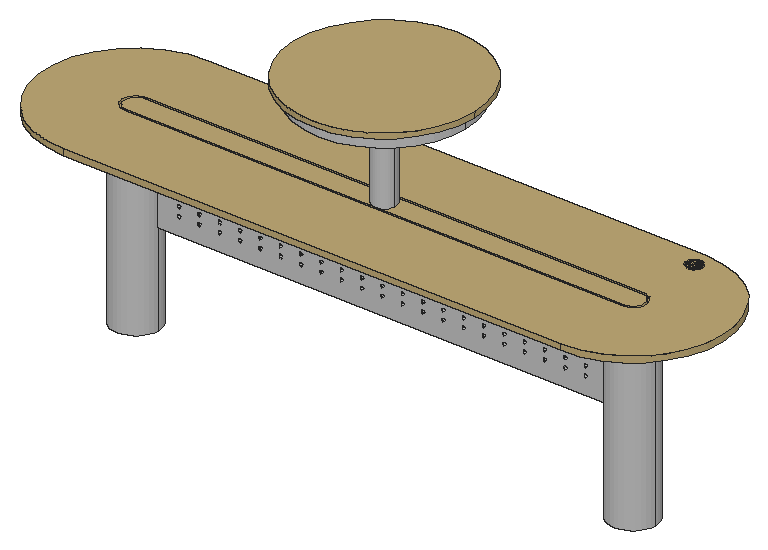
Revit family "L-FUR_벤치_YB-303B_예건", category 일반 모델, Revit 2021
Family settings
  보강 철근 호스트 가능 = 아니오
  원형 커넥터 치수 = 지름 사용
  부품 유형 = 보통
  작업 기준면 기반 = 아니오
  항상 수직 = 예
  로드될 때 보이드를 사용하여 절단 = 아니오
  공유 = 아니오
  룸 계산 점 = 아니오
Parameters
  한국산업규격KS = ""
  조달청표준공사코드-세부공종 = "23588586"
  기본 입면도 = 0 mm
  건설정보분류체계-부위분류 = "E943"
  LIM_INFO_주의사항 = "재배포, 재가공, 판매 금지"
  LIM_INFO_제품업체 = "예건"
  LIM_INFO_제품번호 = "YF-16"
  LIM_INFO_제품명 = "펜스_YF-16"
  LIM_INFO_제작일 = "20230315"
  LIM_INFO_재료 = "Hardwood, STL-pipe, STL-plate"
  LIM_INFO_업체정보 = ""
  LIM_INFO_업체URL = "https://yekun.com/"
  LIM_INFO_업체TEL = "(+82)31-943-6114"
  LIM_INFO_업체EMAIL = "yekun@yekun.com"
  LIM_INFO_버전 = "2023_V01"
  LIM_INFO_기타정보 = ""
  LIM_INFO_규격 = "W2000 x H1800"
  LIM_INFO_가격 = 0
  LIM_INFO_PV_포장재여부 = yes
  LIM_INFO_PV_면적 = 0.00 m²
  KBIMS_식별-버전 = ""
  KBIMS_식별-bSK등록번호 = ""
  KBIMS_보급정보-저작자 = "림인포테크_MMJ"
  KBIMS_보급정보-보급코드 = ""
Reference planes
  plane 1 "중심(앞/뒤)": y = 0
  plane 2: z = 0
  plane 3 "중심(왼쪽/오른쪽)": x = 0
Dimensions and locks
  aligned and locked: level to plane 2
Nested families
  nested 1: "YB-303B_base" at (0, 0, 0), type "YB-303B_base"
Definition of nested family "YB-303B_base"
  Parameters (values of type "YB-303B_base")
    Default Elevation = 0 mm
  Reference planes
    plane 1 "중심(앞/뒤)": y = 0
    plane 2: z = 0
    plane 3 "중심(왼쪽/오른쪽)": x = 0
  Forms (mm)
    Extrusion 1, solid, detail levels fine
      sketch origin (-41.458, 149.434, 0) x (1, 0, 0) y (0, 1, 0)
        loop
          arc (1340, -149.434) -> (1540, 50.566) -> (1340, 250.566) r 200
          line (1340, 250.566) -> (240, 250.566)
          arc (240, 250.566) -> (40, 50.566) -> (240, -149.434) r 200
          line (240, -149.434) -> (1340, -149.434)
        loop
          circle (1345.768, 213.056) r 17.5
        loop
          line (1340, 80.566) -> (240, 80.566)
          arc (240, 80.566) -> (210, 50.566) -> (240, 20.566) r 30
          line (240, 20.566) -> (1340, 20.566)
          arc (1340, 20.566) -> (1370, 50.566) -> (1340, 80.566) r 30
      from 417 to 430
    Extrusion 2, solid, detail levels fine
      sketch origin (-41.458, 149.434, 0) x (1, 0, 0) y (0, 1, 0)
        loop
          circle (240, 50.566) r 50.8
        loop
          circle (1340.086, 50.566) r 50.8
      from 0 to 413
    Extrusion 3, solid, detail levels fine
      sketch origin (-41.458, 149.434, 0) x (0, 1, 0) y (0, 0, 1)
        loop
          line (50.566, 417) -> (-89.434, 417) -> (-89.434, 412) -> (190.566, 412) -> (190.566, 417) -> (50.566, 417)
      from 166.065 to 1416.065
    Extrusion 4, solid, detail levels fine
      sketch origin (-191.458, 149.434, 0) x (1, 0, 0) y (0, 1, 0)
        loop
          circle (940, 50.566) r 200
      from 668 to 679
    Extrusion 5, solid, detail levels fine
      sketch origin (-191.458, 149.434, 0) x (1, 0, 0) y (0, 1, 0)
        loop
          circle (940, 50.566) r 180
      from 638 to 668
    Extrusion 6, solid, detail levels fine
      sketch origin (-191.458, 149.434, 0) x (1, 0, 0) y (0, 1, 0)
        loop
          circle (940, 50.566) r 24.3
      from 430 to 638
    Extrusion 7, solid, detail levels fine
      sketch origin (0, 0, 0) x (1, 0, 0) y (0, 1, 0)
        loop
          circle (1304.31, 362.49) r 17.5
      from 417 to 429.271
    Extrusion 8, solid, detail levels fine
      sketch origin (0, 0, 0) x (1, 0, 0) y (0, 1, 0)
        loop
          line (1289.396, 360.882) -> (1296.274, 360.882) -> (1296.274, 364.097) -> (1292.634, 364.097)
          arc (1292.634, 364.097) -> (1302.344, 374.11) -> (1314.808, 367.847) r 11.786
          line (1314.808, 367.847) -> (1318.321, 367.847)
          arc (1318.321, 367.847) -> (1300.798, 377.073) -> (1289.396, 360.882) r 15
        loop
          line (1300.828, 364.097) -> (1300.828, 367.847) -> (1297.613, 367.847) -> (1297.613, 357.132) -> (1300.828, 357.132) -> (1300.828, 360.173) -> (1303.607, 362.119) -> (1306.485, 357.132) -> (1310.197, 357.132) -> (1306.25, 363.969) -> (1311.787, 367.847) -> (1306.183, 367.847) -> (1300.828, 364.097)
        loop
          line (1319.223, 364.097) -> (1311.006, 364.097) -> (1311.006, 360.882) -> (1315.985, 360.882)
          arc (1315.985, 360.882) -> (1306.275, 350.869) -> (1293.812, 357.132) r 11.786
          line (1293.812, 357.132) -> (1290.299, 357.132)
          arc (1290.299, 357.132) -> (1307.821, 347.906) -> (1319.223, 364.097) r 15
      from 429.271 to 430
    Extrusion 9, solid, detail levels fine
      sketch origin (0, 0, 0) x (1, 0, 0) y (0, 0, 1)
        loop
          line (245.792, 206.8) -> (1251.844, 206.8) -> (1251.844, 412) -> (245.792, 412) -> (245.792, 206.8)
        loop
          circle (298.792, 325.5) r 4
        loop
          circle (298.792, 305.5) r 4
        loop
          circle (298.792, 285.5) r 4
        loop
          circle (298.792, 265.5) r 4
        loop
          circle (298.792, 245.5) r 4
        loop
          circle (343.792, 245.5) r 4
        loop
          circle (343.792, 265.5) r 4
        loop
          circle (343.792, 285.5) r 4
        loop
          circle (343.792, 305.5) r 4
        loop
          circle (343.792, 325.5) r 4
        loop
          circle (388.792, 325.5) r 4
        loop
          circle (388.792, 305.5) r 4
        loop
          circle (388.792, 285.5) r 4
        loop
          circle (388.792, 265.5) r 4
        loop
          circle (388.792, 245.5) r 4
        loop
          circle (433.792, 245.5) r 4
        loop
          circle (433.792, 265.5) r 4
        loop
          circle (433.792, 285.5) r 4
        loop
          circle (433.792, 305.5) r 4
        loop
          circle (433.792, 325.5) r 4
        loop
          circle (478.792, 325.5) r 4
        loop
          circle (478.792, 305.5) r 4
        loop
          circle (478.792, 285.5) r 4
        loop
          circle (478.792, 265.5) r 4
        loop
          circle (478.792, 245.5) r 4
        loop
          circle (523.792, 245.5) r 4
        loop
          circle (523.792, 265.5) r 4
        loop
          circle (523.792, 285.5) r 4
        loop
          circle (523.792, 305.5) r 4
        loop
          circle (523.792, 325.5) r 4
        loop
          circle (568.792, 325.5) r 4
        loop
          circle (568.792, 305.5) r 4
        loop
          circle (568.792, 285.5) r 4
        loop
          circle (568.792, 265.5) r 4
        loop
          circle (568.792, 245.5) r 4
        loop
          circle (613.792, 245.5) r 4
        loop
          circle (613.792, 265.5) r 4
        loop
          circle (613.792, 285.5) r 4
        loop
          circle (613.792, 305.5) r 4
        loop
          circle (613.792, 325.5) r 4
        loop
          circle (658.792, 325.5) r 4
        loop
          circle (658.792, 305.5) r 4
        loop
          circle (658.792, 285.5) r 4
        loop
          circle (658.792, 265.5) r 4
        loop
          circle (658.792, 245.5) r 4
        loop
          circle (703.792, 245.5) r 4
        loop
          circle (703.792, 265.5) r 4
        loop
          circle (703.792, 285.5) r 4
        loop
          circle (703.792, 305.5) r 4
        loop
          circle (703.792, 325.5) r 4
        loop
          circle (748.792, 325.5) r 4
        loop
          circle (748.792, 305.5) r 4
        loop
          circle (748.792, 285.5) r 4
        loop
          circle (748.792, 265.5) r 4
        loop
          circle (748.792, 245.5) r 4
        loop
          circle (793.792, 245.5) r 4
        loop
          circle (793.792, 265.5) r 4
        loop
          circle (793.792, 285.5) r 4
        loop
          circle (793.792, 305.5) r 4
        loop
          circle (793.792, 325.5) r 4
        loop
          circle (838.792, 325.5) r 4
        loop
          circle (838.792, 305.5) r 4
        loop
          circle (838.792, 285.5) r 4
        loop
          circle (838.792, 265.5) r 4
        loop
          circle (838.792, 245.5) r 4
        loop
          circle (883.792, 245.5) r 4
        loop
          circle (883.792, 265.5) r 4
        loop
          circle (883.792, 285.5) r 4
        loop
          circle (883.792, 305.5) r 4
        loop
          circle (883.792, 325.5) r 4
        loop
          circle (928.792, 325.5) r 4
        loop
          circle (928.792, 305.5) r 4
        loop
          circle (928.792, 285.5) r 4
        loop
          circle (928.792, 265.5) r 4
        loop
          circle (928.792, 245.5) r 4
        loop
          circle (973.792, 245.5) r 4
        loop
          circle (973.792, 265.5) r 4
        loop
          circle (973.792, 285.5) r 4
        loop
          circle (973.792, 305.5) r 4
        loop
          circle (973.792, 325.5) r 4
        loop
          circle (1018.792, 325.5) r 4
        loop
          circle (1018.792, 305.5) r 4
        loop
          circle (1018.792, 285.5) r 4
        loop
          circle (1018.792, 265.5) r 4
        loop
          circle (1018.792, 245.5) r 4
        loop
          circle (1063.792, 245.5) r 4
        loop
          circle (1063.792, 265.5) r 4
        loop
          circle (1063.792, 285.5) r 4
        loop
          circle (1063.792, 305.5) r 4
        loop
          circle (1063.792, 325.5) r 4
        loop
          circle (1108.792, 325.5) r 4
        loop
          circle (1108.792, 305.5) r 4
        loop
          circle (1108.792, 285.5) r 4
        loop
          circle (1108.792, 265.5) r 4
        loop
          circle (1108.792, 245.5) r 4
        loop
          circle (1153.792, 245.5) r 4
        loop
          circle (1153.792, 265.5) r 4
        loop
          circle (1153.792, 285.5) r 4
        loop
          circle (1153.792, 305.5) r 4
        loop
          circle (1153.792, 325.5) r 4
        loop
          circle (1198.792, 325.5) r 4
        loop
          circle (1198.792, 305.5) r 4
        loop
          circle (1198.792, 285.5) r 4
        loop
          circle (1198.792, 265.5) r 4
        loop
          circle (1198.792, 245.5) r 4
      from -201.824 to -195.73
    Extrusion 10, solid, detail levels fine
      sketch origin (0, 0, 0) x (1, 0, 0) y (0, 1, 0)
        loop
          line (1298.542, 225) -> (198.542, 225)
          arc (198.542, 225) -> (173.542, 200) -> (198.542, 175) r 25
          line (198.542, 175) -> (1298.542, 175)
          arc (1298.542, 175) -> (1323.542, 200) -> (1298.542, 225) r 25
      from 417 to 430
    Extrusion 11, solid, detail levels coarse+medium
      sketch origin (-41.458, 149.434, 0) x (1, 0, 0) y (0, 1, 0)
        loop
          line (1540, -149.434) -> (1540, 250.566) -> (40, 250.566) -> (40, -149.434) -> (1540, -149.434)
      from 417 to 430
    Extrusion 12, solid, detail levels coarse+medium
      sketch origin (-41.458, 149.434, 0) x (1, 0, 0) y (0, 1, 0)
        loop
          line (1365.486, 94.56) -> (1314.686, 94.56) -> (1289.286, 50.566) -> (1314.686, 6.572) -> (1365.486, 6.572) -> (1390.886, 50.566) -> (1365.486, 94.56)
        loop
          line (275.921, 86.487) -> (226.852, 99.635) -> (190.931, 63.714) -> (204.079, 14.645) -> (253.148, 1.497) -> (289.069, 37.418) -> (275.921, 86.487)
      from 0 to 413
    Extrusion 13, solid, detail levels coarse+medium
      sketch origin (-41.458, 149.434, 0) x (0, 1, 0) y (0, 0, 1)
        loop
          line (50.566, 417) -> (-89.434, 417) -> (-89.434, 412) -> (190.566, 412) -> (190.566, 417) -> (50.566, 417)
      from 166.065 to 1416.065
    Extrusion 14, solid, detail levels coarse+medium
      sketch origin (-191.458, 149.434, 0) x (1, 0, 0) y (0, 1, 0)
        loop
          line (1063.132, 208.168) -> (967.835, 248.62) -> (865.079, 236.003) -> (782.398, 173.699) -> (741.946, 78.401) -> (754.563, -24.355) -> (816.868, -107.036) -> (912.165, -147.487) -> (1014.921, -134.871) -> (1097.602, -72.566) -> (1138.054, 22.732) -> (1125.437, 125.488) -> (1063.132, 208.168)
      from 668 to 679
    Extrusion 15, solid, detail levels coarse+medium
      sketch origin (-191.458, 149.434, 0) x (1, 0, 0) y (0, 1, 0)
        loop
          line (1043.244, 198.014) -> (955.688, 229.881) -> (863.929, 213.702) -> (792.553, 153.81) -> (760.685, 66.254) -> (776.865, -25.505) -> (836.756, -96.881) -> (924.312, -128.749) -> (1016.071, -112.569) -> (1087.447, -52.678) -> (1119.315, 34.878) -> (1103.135, 126.638) -> (1043.244, 198.014)
      from 638 to 668
    Extrusion 16, solid, detail levels coarse+medium
      sketch origin (-191.458, 149.434, 0) x (1, 0, 0) y (0, 1, 0)
        loop
          line (957.183, 67.749) -> (933.711, 74.038) -> (916.528, 56.856) -> (922.817, 33.384) -> (946.289, 27.094) -> (963.472, 44.277) -> (957.183, 67.749)
      from 430 to 638
    Extrusion 17, solid, detail levels fine
      sketch origin (0, 0, 0) x (1, 0, 0) y (0, 1, 0)
        loop
          line (1298.542, 225) -> (198.542, 225)
          arc (198.542, 225) -> (173.542, 200) -> (198.542, 175) r 25
          line (198.542, 175) -> (1298.542, 175)
          arc (1298.542, 175) -> (1323.542, 200) -> (1298.542, 225) r 25
        loop
          arc (198.542, 230) -> (168.542, 200) -> (198.542, 170) r 30
          line (198.542, 170) -> (1298.542, 170)
          arc (1298.542, 170) -> (1328.542, 200) -> (1298.542, 230) r 30
          line (1298.542, 230) -> (198.542, 230)
      from 417 to 425.576
  Dimensions and locks
    Extrusion 3 sketch curve to Extrusion 3 sketch curve = 5 mm
    Extrusion 13 sketch curve to Extrusion 13 sketch curve = 5 mm
    aligned and locked: level to plane 2
